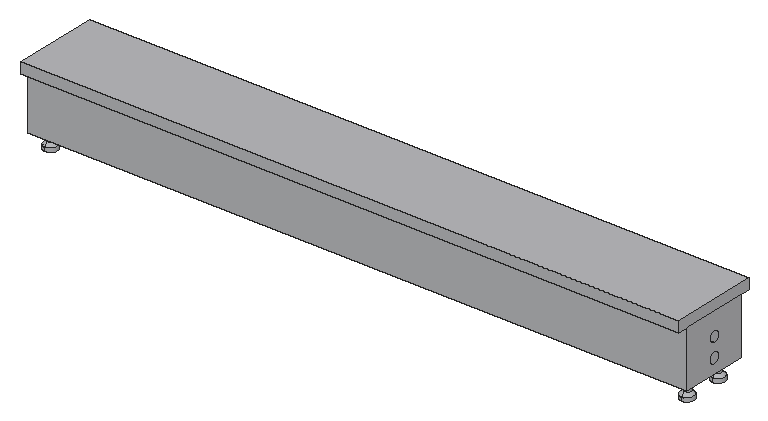
Revit family "Convection_Heater-Berko-THX", category Mechanical Equipment, host Face, Revit 2017
Family settings
  Host = Face
  Round Connector Dimension = Use Diameter
  Part Type = Normal
  OmniClass Number = 23.75.70.17.14
  OmniClass Title = Convectors
  Cut with Voids When Loaded = No
  Shared = No
  Room Calculation Point = No
Parameters (values of type "THX 5' 05250 277V")
  Width = 0' - 3 5/8"  # constant formula
  Watts = 1250 W
  Voltage = 277 V
  URL = "http://www.marleymep.com/en/berko/"
  Surface Mount = no
  Product Page URL = "https://www.marleymep.com/products/berko/floor-convector-thx-series"
  Product Name = "THX Trench Heater"  # constant formula
  Product Documentation Link = ""
  Power Factor = 1
  Phase = 2
  Mounting Bracket [instance] = no
  Number of Poles = 1
  Model = "THX 5' 05250"
  Material = ""
  Manufacturer = "Berko"  # constant formula
  Length Constraint = if(Length < 2' 4", 2' 4", if(Length > 15' 0", 15' 0", Length))  # 5' - 0"
  Length = 5' - 0"
  Height = 0' - 6"  # constant formula
  Frequency = 60 Hz
  Description = "THX Trench Heater"  # constant formula
  Default Elevation = 0' - 3"
  Wall and Window Clearance On [instance] = yes
  Casing = Metal - Berko - Paint - Aluminum
  Apparent Load = 0 VA
  Amps = 0.8 A
Types (16): name | Watts | Voltage | Mounting Bracket | Model | Material | Length Constraint | Length
  THX 2' 02188 208V | 400 W | 208 V | yes | "THX 2' 02188" | "" | 2' - 4" | 2' - 0"
  THX 3' 03188 208V | 564 W | 208 V | yes | "THX 3' 03188" | "" | 3' - 0" | 3' - 0"
  THX 4' 04188 208V | 752 W | 208 V | yes | "THX 4' 04188" | "" | 4' - 0" | 4' - 0"
  THX 5' 05188 208V | 940 W | 208 V | yes | "THX 5' 05188" | "" | 5' - 0" | 5' - 0"
  THX 2' 02250 208V | 500 W | 208 V | yes | "THX 2' 02250" | "" | 2' - 4" | 2' - 0"
  THX 3' 03250 208V | 750 W | 208 V | yes | "THX 3' 03250" | "Metal - Berko - Paint - Aluminum" | 3' - 0" | 3' - 0"
  THX 4' 04250 208V | 1000 W | 208 V | yes | "THX 4' 04250" | "" | 4' - 0" | 4' - 0"
  THX 5' 05250 208V | 1250 W | 208 V | no | "THX 5' 05250" | "" | 5' - 0" | 5' - 0"
  THX 2' 02188 277V | 400 W | 277 V | yes | "THX 2' 02188" | "" | 2' - 4" | 2' - 0"
  THX 2' 02250 277V | 500 W | 277 V | yes | "THX 2' 02250" | "" | 2' - 4" | 2' - 0"
  THX 3' 03188 277V | 564 W | 277 V | yes | "THX 3' 03188" | "" | 3' - 0" | 3' - 0"
  THX 3' 03250 277V | 750 W | 277 V | yes | "THX 3' 03250" | "Metal - Berko - Paint - Aluminum" | 3' - 0" | 3' - 0"
  THX 4' 04188 277V | 752 W | 277 V | yes | "THX 4' 04188" | "" | 4' - 0" | 4' - 0"
  THX 4' 04250 277V | 1000 W | 277 V | yes | "THX 4' 04250" | "" | 4' - 0" | 4' - 0"
  THX 5' 05188 277V | 940 W | 277 V | yes | "THX 5' 05188" | "" | 5' - 0" | 5' - 0"
  THX 5' 05250 277V | 1250 W | 277 V | no | "THX 5' 05250" | "" | 5' - 0" | 5' - 0"
Reference planes (in)
  plane 1 "Center (Front/Back)": y = 0
  plane 2: z = 0
  plane 3 "Center (Left/Right)": x = 0
  plane 4 "Left": x = 30
  plane 5 "Right": x = -30
  plane 6 "Back": z = 0
  plane 7: y = 3.93689
  plane 8: y = -3.93689
  plane 9: y = 3.06
  plane 10: y = -3.06
  plane 11: z = -0.98
  plane 12: z = -6.11
  plane 13 "Left Support": x = -29
  plane 14 "Right Support": x = 29
  plane 15: y = 1.73444
  plane 16: y = -1.73444
Forms (in)
  Extrusion 1, solid, material "Metal - Berko - Paint - Aluminum Grill"
    sketch origin (0, 0, 0) x (0, 1, 0) y (0, 0, 1)
      loop
        line (3.93689, -0.98) -> (3.93689, 0) -> (-3.93689, 0) -> (-3.93689, -0.98) -> (3.93689, -0.98)
    from -30 to 30
  Extrusion 2, solid, material "Metal - Berko - Paint - Aluminum" <- "Casing"
    sketch origin (0, 0, 0) x (0, 1, 0) y (0, 0, 1)
      loop
        line (3.06, -0.98) -> (-3.06, -0.98) -> (-3.06, -6.11) -> (3.06, -6.11) -> (3.06, -0.98)
    from -30 to 30
  Extrusion 3, void
    sketch origin (0, 0, 0) x (1, 0, 0) y (0, 1, 0)
      loop
        line (-30, 3.93689) -> (-30, -3.93689) -> (30, -3.93689) -> (30, 3.93689) -> (-30, 3.93689)
    from -3.59344 to 12
  Sweep 4, solid, material "Metal - Berko - Paint - Aluminum" <- "Casing", visible <- "Surface Mount"
    path origin (0, 0, 0) x (1, 0, 0) y (0, 1, 0)
      loop
        line (-30, 3.93689) -> (-30, -3.93689) -> (30, -3.93689) -> (30, 3.93689) -> (-30, 3.93689)
    profile origin (0, 3.93689, 0) x (0, 1, 0) y (0, 0, 1)
      loop
        line (0, 0) -> (0.98047, 0) -> (0.98047, 0.0625) -> (-0.0625, 0.0625) -> (-0.0625, -0.98) -> (0, -0.98) -> (0, 0)
  Revolve 5, solid, material "Metal - Berko - Paint - Aluminum" <- "Casing"
    sketch origin (-29, 0, 0) x (0, 0, -1) y (0, 1, 0)
      loop
        line (6.11, 1.73444) -> (7.61, 1.73444) -> (7.61, 2.34128) -> (7.28704, 2.34128) -> (6.9688, 2.02303) -> (6.5968, 2.02303) -> (6.5968, 1.9088) -> (6.11, 1.9088) -> (6.11, 1.73444)
      axis (7.61, 1.73444) -> (6.11, 1.73444)
    angle from 0 to 360
  Revolve 6, solid, material "Metal - Berko - Paint - Aluminum" <- "Casing"
    sketch origin (-29, 0, 0) x (0, 0, -1) y (0, 1, 0)
      loop
        line (6.11, -1.73444) -> (7.61, -1.73444) -> (7.61, -1.1276) -> (7.28704, -1.1276) -> (6.9688, -1.44585) -> (6.5968, -1.44585) -> (6.5968, -1.56008) -> (6.11, -1.56008) -> (6.11, -1.73444)
      axis (7.61, -1.73444) -> (6.11, -1.73444)
    angle from 0 to 360
  Revolve 7, solid, material "Metal - Berko - Paint - Aluminum" <- "Casing"
    sketch origin (29, 0, 0) x (0, 0, -1) y (0, 1, 0)
      loop
        line (6.11, 1.73444) -> (7.61, 1.73444) -> (7.61, 2.34128) -> (7.28704, 2.34128) -> (6.9688, 2.02303) -> (6.5968, 2.02303) -> (6.5968, 1.9088) -> (6.11, 1.9088) -> (6.11, 1.73444)
      axis (7.61, 1.73444) -> (6.11, 1.73444)
    angle from 0 to 360
  Revolve 8, solid, material "Metal - Berko - Paint - Aluminum" <- "Casing"
    sketch origin (29, 0, 0) x (0, 0, -1) y (0, 1, 0)
      loop
        line (6.11, -1.73444) -> (7.61, -1.73444) -> (7.61, -1.1276) -> (7.28704, -1.1276) -> (6.9688, -1.44585) -> (6.5968, -1.44585) -> (6.5968, -1.56008) -> (6.11, -1.56008) -> (6.11, -1.73444)
      axis (7.61, -1.73444) -> (6.11, -1.73444)
    angle from 0 to 360
  Extrusion 9, solid, material "Metal - Berko - Paint - Aluminum" <- "Casing", visible <- "Mounting Bracket"
    sketch origin (-29, 0, 0) x (0, 0, -1) y (0, 1, 0)
      loop
        line (7.33793, 3.27166) -> (5.08793, 3.27166) -> (5.08793, 3.06) -> (7.60393, 3.06) -> (7.60393, 4.48996) -> (7.33793, 4.48996) -> (7.33793, 3.27166)
    from -0.5 to 0.5
  Extrusion 10, solid, material "Metal - Berko - Paint - Aluminum" <- "Casing", visible <- "Mounting Bracket"
    sketch origin (-29, 0, 0) x (0, 0, -1) y (0, 1, 0)
      loop
        line (7.33793, -3.27166) -> (7.33793, -4.48996) -> (7.60393, -4.48996) -> (7.60393, -3.06) -> (5.08793, -3.06) -> (5.08793, -3.27166) -> (7.33793, -3.27166)
    from -0.5 to 0.5
  Extrusion 11, solid, material "Metal - Berko - Paint - Aluminum" <- "Casing", visible <- "Mounting Bracket"
    sketch origin (29, 0, 0) x (0, 0, -1) y (0, 1, 0)
      loop
        line (7.33793, -3.27166) -> (7.33793, -4.48996) -> (7.60393, -4.48996) -> (7.60393, -3.06) -> (5.08793, -3.06) -> (5.08793, -3.27166) -> (7.33793, -3.27166)
    from -0.5 to 0.5
  Extrusion 12, solid, material "Metal - Berko - Paint - Aluminum" <- "Casing", visible <- "Mounting Bracket"
    sketch origin (29, 0, 0) x (0, 0, -1) y (0, 1, 0)
      loop
        line (7.33793, 3.27166) -> (5.08793, 3.27166) -> (5.08793, 3.06) -> (7.60393, 3.06) -> (7.60393, 4.48996) -> (7.33793, 4.48996) -> (7.33793, 3.27166)
    from -0.5 to 0.5
  Extrusion 13, solid, material "Metal - Berko - Paint - Aluminum"
    sketch origin (30, 0, 0) x (0, 0, -1) y (0, 1, 0)
      loop
        circle (3.01825, 0) r 0.42467
      loop
        circle (4.74248, 0) r 0.44068
    from 0 to 0.0625
Lines and regions (in)
  symbolic lines, style "MechanicalEquipmentHiddenLines", visible <- "Wall and Window Clearance On"
    curve 1: line (-36, 9.93689, 0) -> (36, 9.93689, 0)
    curve 2: line (-36, -9.93689, 0) -> (-36, 9.93689, 0)
    curve 3: line (36, -9.93689, 0) -> (-36, -9.93689, 0)
    curve 4: line (36, 9.93689, 0) -> (36, -9.93689, 0)
Dimensions and locks (in)
  equal spacing: plane 4 "Left", plane 3 "Center (Left/Right)", plane 5 "Right"
  "Length Constraint": plane 4 "Left" to plane 5 "Right"
  level to plane 6 "Back" = 0' - 0"
  locked: plane 5 "Right" to plane 13 "Left Support" at 1
  locked: plane 14 "Right Support" to plane 4 "Left" at 1
  plane 12 to Revolve 5 sketch curve to Revolve 5 sketch curve to Revolve 5 sketch curve to Revolve 5 sketch curve = 0' - 0.4868" locked, 0' - 0.372" locked, 0' - 0.31825" locked, 0' - 0.32296" locked
  Revolve 5 sketch curve to Revolve 5 sketch curve to Revolve 5 sketch curve to plane 15 to Revolve 5 sketch curve = 0' - 0.31825" locked, 0' - 0.11423" locked, 0' - 0.17436" locked, 0' - 0" locked
  Revolve 6 sketch curve to Revolve 6 sketch curve to Revolve 6 sketch curve to plane 16 = 0' - 0.31825" locked, 0' - 0.11423" locked, 0' - 0.17436" locked
  plane 12 to Revolve 6 sketch curve to Revolve 6 sketch curve to Revolve 6 sketch curve to Revolve 6 sketch curve to Revolve 6 sketch curve = 0' - 0" locked, 0' - 0.4868" locked, 0' - 0.372" locked, 0' - 0.31825" locked, 0' - 0.32296" locked
  Revolve 7 sketch curve to Revolve 7 sketch curve to Revolve 7 sketch curve to Revolve 7 sketch curve = 0' - 0.372" locked, 0' - 0.31825" locked, 0' - 0.32296" locked
  Revolve 7 sketch curve to Revolve 7 sketch curve to Revolve 7 sketch curve to Revolve 7 sketch curve = 0' - 0.31825" locked, 0' - 0.11423" locked, 0' - 0.17436"
  Revolve 8 sketch curve to Revolve 8 sketch curve to Revolve 8 sketch curve = 0' - 0.31825" locked, 0' - 0.11423" locked
  Revolve 8 sketch curve to Revolve 8 sketch curve to Revolve 8 sketch curve to Revolve 8 sketch curve to Revolve 8 sketch curve = 0' - 0.4868" locked, 0' - 0.372" locked, 0' - 0.31825" locked, 0' - 0.32296" locked
  plane 10 to Extrusion 10 sketch curve to Extrusion 10 sketch curve to Extrusion 10 sketch curve = 0' - 0" locked, 0' - 0.21166" locked, 0' - 1.2183" locked
  Extrusion 10 sketch curve to plane 12 to Extrusion 10 sketch curve to Extrusion 10 sketch curve = 0' - 1.02207" locked, 0' - 1.22793" locked, 0' - 0.26601" locked
  Extrusion 9 sketch curve to Extrusion 9 sketch curve to plane 9 to Extrusion 9 sketch curve = 0' - 1.2183" locked, 0' - 0.21166" locked, 0' - 0" locked
  Extrusion 9 sketch curve to plane 12 to Extrusion 9 sketch curve to Extrusion 9 sketch curve = 0' - 1.02207" locked, 0' - 1.22793" locked, 0' - 0.26601" locked
  Extrusion 11 sketch curve to Extrusion 11 sketch curve to Extrusion 11 sketch curve = 0' - 0.21166" locked, 0' - 1.2183" locked
  Extrusion 11 sketch curve to Extrusion 11 sketch curve to Extrusion 11 sketch curve = 0' - 2 1/4", 0' - 0.26601" locked
  Extrusion 12 sketch curve to Extrusion 12 sketch curve to Extrusion 12 sketch curve = 0' - 1.2183" locked, 0' - 0.21166"
  Extrusion 12 sketch curve to Extrusion 12 sketch curve to Extrusion 12 sketch curve = 0' - 2 1/4", 0' - 0.26601" locked
  locked: plane 4 "Left" to curve 4 at 6
  locked: curve 1 to plane 7 at 6
  locked: curve 3 to plane 8 at 6
  locked: curve 2 to plane 5 "Right" at 6
  aligned and locked: plane 2 to host face
  aligned and locked: plane 2 to plane 6 "Back"
  aligned and locked: plane 11 to Extrusion 1 sketch curve
  aligned and locked: Extrusion 1 sketch curve to plane 7
  aligned and locked: Extrusion 1 sketch curve to level
  aligned and locked: Extrusion 1 sketch curve to plane 8
  aligned and locked: Extrusion 1 to plane 5 "Right"
  aligned and locked: plane 4 "Left" to Extrusion 1
  aligned and locked: plane 11 to Extrusion 2 sketch curve
  aligned and locked: plane 9 to Extrusion 2 sketch curve
  aligned and locked: Extrusion 2 sketch curve to plane 12
  aligned and locked: plane 10 to Extrusion 2 sketch curve
  aligned and locked: Extrusion 2 to plane 5 "Right"
  aligned and locked: plane 4 "Left" to Extrusion 2
  aligned and locked: Extrusion 3 sketch curve to plane 8
  aligned and locked: Extrusion 3 sketch curve to plane 4 "Left"
  aligned and locked: plane 5 "Right" to Extrusion 3 sketch curve
  aligned and locked: Extrusion 3 sketch curve to plane 7
  aligned and locked: Sweep 4 sketch curve to plane 7
  aligned and locked: plane 5 "Right" to Sweep 4 sketch curve
  aligned and locked: Sweep 4 sketch curve to plane 4 "Left"
  aligned and locked: Sweep 4 sketch curve to plane 8
  aligned and locked: Revolve 5 sketch curve to plane 12
  aligned and locked: Revolve 5 sketch curve to plane 15
  aligned and locked: Revolve 6 sketch curve to plane 16
  aligned and locked: plane 15 to Revolve 7 sketch curve
Automatic sketch dimensions
  host sketch curve to host sketch curve = 8' - 0"  (x2)
  level to Revolve 5 sketch curve = 0' - 6.25756"
  Revolve 5 sketch curve to Revolve 5 sketch curve = 0' - 11.05699"
  Revolve 6 sketch curve to plane 16 = 0' - 0"
  level to Revolve 6 sketch curve = 0' - 6.25756"
  Revolve 6 sketch curve to Revolve 6 sketch curve = 0' - 11.05699"
  Revolve 7 sketch curve to plane 15 = 0' - 0"
  Revolve 7 sketch curve to plane 12 = 0' - 0"
  Revolve 7 sketch curve to Revolve 7 sketch curve = 0' - 0.4868"
  level to Revolve 7 sketch curve = 0' - 6.25756"
  Revolve 7 sketch curve to Revolve 7 sketch curve = 0' - 11.05699"
  Revolve 8 sketch curve to plane 16 = 0' - 0"  (x2)
  Revolve 8 sketch curve to plane 12 = 0' - 0"
  Revolve 8 sketch curve to plane 16 = 0' - 0.17436"
  level to Revolve 8 sketch curve = 0' - 6.25756"
  Revolve 8 sketch curve to Revolve 8 sketch curve = 0' - 11.05699"
  Sweep 4 sketch curve to profile plane = 0' - 0"
  Sweep 4 sketch curve to level = 0' - 0"
  profile plane to Sweep 4 sketch curve = 0' - 0 1/16"
  Sweep 4 sketch curve to profile plane = 0' - 0 251/256"
  Sweep 4 sketch curve to level = 0' - 0.98"
  level to Sweep 4 sketch curve = 0' - 0 1/16"
  Extrusion 12 sketch curve to plane 9 = 0' - 0"
  plane 12 to Extrusion 12 sketch curve = 0' - 1.02207"
  Extrusion 11 sketch curve to plane 10 = 0' - 0"
  plane 12 to Extrusion 11 sketch curve = 0' - 1.02207"
  Extrusion 13 sketch curve to plane 1 "Center (Front/Back)" = 0' - 0"  (x2)
  Extrusion 13 sketch curve to plane 11 = 0' - 2.03825"
  plane 12 to Extrusion 13 sketch curve = 0' - 1.36752"
  radius of Extrusion 13 sketch curve = 0' - 0.42467"
  radius of Extrusion 13 sketch curve = 0' - 0.44068"
Connectors (in)
  electrical at (30.0625, 0, -4.74248), driven by "Voltage", driven by "Apparent Load", driven by "Power Factor"
    settings: on Extrusion 13, index 2, voltage 277 V, apparent load 0 VA, apparent load phase1 0 VA, apparent load phase2 0 VA, apparent load phase3 0 VA, power factor 1, load classification "HVAC", number of poles 1, system type 31, power factor state 1, is connector primary yes, connector utility no, sub classification motor no, connector description "Power Connector"
